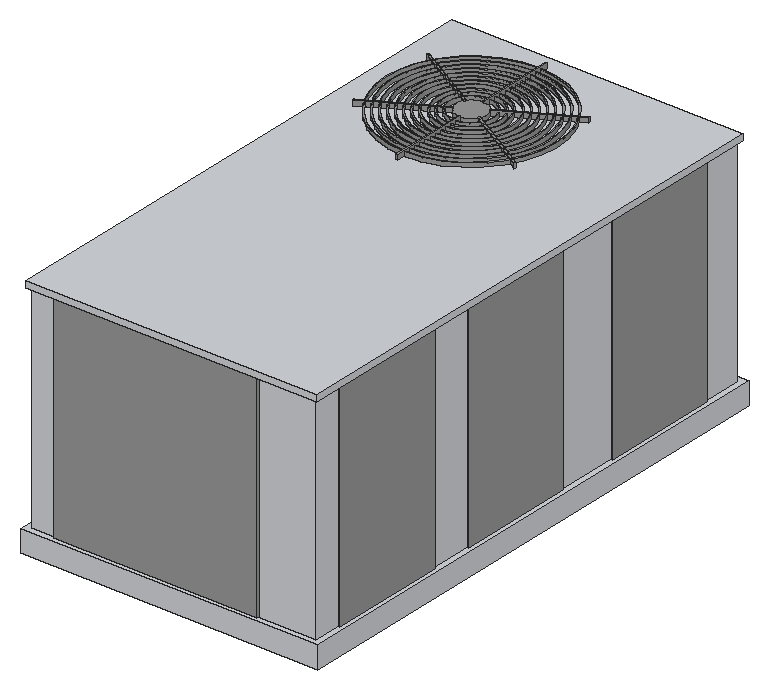
Revit family "RTU-2", category Mechanical Equipment, host Face, Revit 2025 (continued)
Definition of nested family "Family1"
  Automatic sketch dimensions
    Extrusion 19 sketch curve to Extrusion 19 sketch curve = 1.06726"
    Extrusion 19 sketch curve to Extrusion 19 sketch curve = 0"
    Extrusion 20 sketch curve to plane 45 = 0"
    Extrusion 20 sketch curve to plane 46 = 0"  (x2)
    Extrusion 20 sketch curve to plane 45 = 0.18274"
    Extrusion 20 sketch curve to Extrusion 20 sketch curve = 0.06651"  (x2)
    plane 46 to Extrusion 20 sketch curve = 0.45496"
    Extrusion 20 sketch curve to plane 46 = 0.38845"
    Extrusion 20 sketch curve to Extrusion 20 sketch curve = 1.06726"
    Extrusion 20 sketch curve to Extrusion 20 sketch curve = 0"
    Extrusion 21 sketch curve to plane 47 = 0"
    Extrusion 21 sketch curve to plane 48 = 0"  (x2)
    Extrusion 21 sketch curve to plane 47 = 0.18274"
    Extrusion 21 sketch curve to Extrusion 21 sketch curve = 0.06651"  (x2)
    plane 48 to Extrusion 21 sketch curve = 0.45496"
    Extrusion 21 sketch curve to plane 48 = 0.38845"
    Extrusion 21 sketch curve to Extrusion 21 sketch curve = 1.06726"
    Extrusion 21 sketch curve to Extrusion 21 sketch curve = 0"
    Extrusion 22 sketch curve to plane 49 = 0"
    Extrusion 22 sketch curve to plane 50 = 0"  (x2)
    Extrusion 22 sketch curve to plane 49 = 0.18274"
    Extrusion 22 sketch curve to Extrusion 22 sketch curve = 0.06651"  (x2)
    plane 50 to Extrusion 22 sketch curve = 0.45496"
    Extrusion 22 sketch curve to plane 50 = 0.38845"
    Extrusion 22 sketch curve to Extrusion 22 sketch curve = 1.06726"
    Extrusion 22 sketch curve to Extrusion 22 sketch curve = 0"
    Extrusion 23 sketch curve to plane 51 = 0"
    Extrusion 23 sketch curve to plane 52 = 0"  (x2)
    Extrusion 23 sketch curve to plane 51 = 0.18274"
    Extrusion 23 sketch curve to Extrusion 23 sketch curve = 0.06651"  (x2)
    plane 52 to Extrusion 23 sketch curve = 0.45496"
    Extrusion 23 sketch curve to plane 52 = 0.38845"
    Extrusion 23 sketch curve to Extrusion 23 sketch curve = 1.06726"
    Extrusion 23 sketch curve to Extrusion 23 sketch curve = 0"
    Extrusion 24 sketch curve to plane 53 = 0"
    Extrusion 24 sketch curve to plane 54 = 0"  (x2)
    Extrusion 24 sketch curve to plane 53 = 0.18274"
    Extrusion 24 sketch curve to Extrusion 24 sketch curve = 0.06651"  (x2)
    plane 54 to Extrusion 24 sketch curve = 0.45496"
    Extrusion 24 sketch curve to plane 54 = 0.38845"
    Extrusion 24 sketch curve to Extrusion 24 sketch curve = 1.06726"
    Extrusion 24 sketch curve to Extrusion 24 sketch curve = 0"
    Extrusion 25 sketch curve to plane 55 = 0"
    Extrusion 25 sketch curve to plane 56 = 0"  (x2)
    Extrusion 25 sketch curve to plane 55 = 0.18274"
    Extrusion 25 sketch curve to Extrusion 25 sketch curve = 0.06651"  (x2)
    plane 56 to Extrusion 25 sketch curve = 0.45496"
    Extrusion 25 sketch curve to plane 56 = 0.38845"
    Extrusion 25 sketch curve to Extrusion 25 sketch curve = 1.06726"
    Extrusion 25 sketch curve to Extrusion 25 sketch curve = 0"
    Extrusion 26 sketch curve to plane 57 = 0"
    Extrusion 26 sketch curve to plane 58 = 0"  (x2)
    Extrusion 26 sketch curve to plane 57 = 0.18274"
    Extrusion 26 sketch curve to Extrusion 26 sketch curve = 0.06651"  (x2)
    plane 58 to Extrusion 26 sketch curve = 0.45496"
    Extrusion 26 sketch curve to plane 58 = 0.38845"
    Extrusion 26 sketch curve to Extrusion 26 sketch curve = 1.06726"
    Extrusion 26 sketch curve to Extrusion 26 sketch curve = 0"
    Extrusion 27 sketch curve to plane 59 = 0"
    Extrusion 27 sketch curve to plane 60 = 0"  (x2)
    Extrusion 27 sketch curve to plane 59 = 0.18274"
    Extrusion 27 sketch curve to Extrusion 27 sketch curve = 0.06651"  (x2)
    plane 60 to Extrusion 27 sketch curve = 0.45496"
    Extrusion 27 sketch curve to plane 60 = 0.38845"
    Extrusion 27 sketch curve to Extrusion 27 sketch curve = 1.06726"
    Extrusion 27 sketch curve to Extrusion 27 sketch curve = 0"
    Extrusion 28 sketch curve to plane 61 = 0"
    Extrusion 28 sketch curve to plane 62 = 0"  (x2)
    Extrusion 28 sketch curve to plane 61 = 0.18274"
    Extrusion 28 sketch curve to Extrusion 28 sketch curve = 0.06651"  (x2)
    plane 62 to Extrusion 28 sketch curve = 0.45496"
    Extrusion 28 sketch curve to plane 62 = 0.38845"
    Extrusion 28 sketch curve to Extrusion 28 sketch curve = 1.06726"
    Extrusion 28 sketch curve to Extrusion 28 sketch curve = 0"
    Extrusion 29 sketch curve to plane 63 = 0"
    Extrusion 29 sketch curve to plane 64 = 0"  (x2)
    Extrusion 29 sketch curve to plane 63 = 0.18274"
    Extrusion 29 sketch curve to Extrusion 29 sketch curve = 0.06651"  (x2)
    plane 64 to Extrusion 29 sketch curve = 0.45496"
    Extrusion 29 sketch curve to plane 64 = 0.38845"
    Extrusion 29 sketch curve to Extrusion 29 sketch curve = 1.06726"
    Extrusion 29 sketch curve to Extrusion 29 sketch curve = 0"
    Extrusion 30 sketch curve to plane 65 = 0"
    Extrusion 30 sketch curve to plane 66 = 0"  (x2)
    Extrusion 30 sketch curve to plane 65 = 0.18274"
    Extrusion 30 sketch curve to Extrusion 30 sketch curve = 0.06651"  (x2)
    plane 66 to Extrusion 30 sketch curve = 0.45496"
    Extrusion 30 sketch curve to plane 66 = 0.38845"
    Extrusion 30 sketch curve to Extrusion 30 sketch curve = 1.06726"
    Extrusion 30 sketch curve to Extrusion 30 sketch curve = 0"
    Extrusion 31 sketch curve to plane 67 = 0"
    Extrusion 31 sketch curve to plane 68 = 0"  (x2)
    Extrusion 31 sketch curve to plane 67 = 0.18274"
    Extrusion 31 sketch curve to Extrusion 31 sketch curve = 0.06651"  (x2)
    plane 68 to Extrusion 31 sketch curve = 0.45496"
    Extrusion 31 sketch curve to plane 68 = 0.38845"
    Extrusion 31 sketch curve to Extrusion 31 sketch curve = 1.06726"
    Extrusion 31 sketch curve to Extrusion 31 sketch curve = 0"
    Extrusion 32 sketch curve to plane 69 = 0"
    Extrusion 32 sketch curve to plane 70 = 0"  (x2)
    Extrusion 32 sketch curve to plane 69 = 0.18274"
    Extrusion 32 sketch curve to Extrusion 32 sketch curve = 0.06651"  (x2)
    plane 70 to Extrusion 32 sketch curve = 0.45496"
    Extrusion 32 sketch curve to plane 70 = 0.38845"
    Extrusion 32 sketch curve to Extrusion 32 sketch curve = 1.06726"
    Extrusion 32 sketch curve to Extrusion 32 sketch curve = 0"
    Extrusion 33 sketch curve to plane 71 = 0"
    Extrusion 33 sketch curve to plane 72 = 0"  (x2)
    Extrusion 33 sketch curve to plane 71 = 0.18274"
    Extrusion 33 sketch curve to Extrusion 33 sketch curve = 0.06651"  (x2)
    plane 72 to Extrusion 33 sketch curve = 0.45496"
    Extrusion 33 sketch curve to plane 72 = 0.38845"
    Extrusion 33 sketch curve to Extrusion 33 sketch curve = 1.06726"
    Extrusion 33 sketch curve to Extrusion 33 sketch curve = 0"
    Extrusion 34 sketch curve to plane 73 = 0"
    Extrusion 34 sketch curve to plane 74 = 0"  (x2)
    Extrusion 34 sketch curve to plane 73 = 0.18274"
    Extrusion 34 sketch curve to Extrusion 34 sketch curve = 0.06651"  (x2)
    plane 74 to Extrusion 34 sketch curve = 0.45496"
    Extrusion 34 sketch curve to plane 74 = 0.38845"
    Extrusion 34 sketch curve to Extrusion 34 sketch curve = 1.06726"
    Extrusion 34 sketch curve to Extrusion 34 sketch curve = 0"
    Extrusion 35 sketch curve to plane 75 = 0"
    Extrusion 35 sketch curve to plane 76 = 0"  (x2)
    Extrusion 35 sketch curve to plane 75 = 0.18274"
    Extrusion 35 sketch curve to Extrusion 35 sketch curve = 0.06651"  (x2)
    plane 76 to Extrusion 35 sketch curve = 0.45496"
    Extrusion 35 sketch curve to plane 76 = 0.38845"
    Extrusion 35 sketch curve to Extrusion 35 sketch curve = 1.06726"
    Extrusion 35 sketch curve to Extrusion 35 sketch curve = 0"
    Extrusion 36 sketch curve to plane 77 = 0"
    Extrusion 36 sketch curve to plane 78 = 0"  (x2)
    Extrusion 36 sketch curve to plane 77 = 0.18274"
    Extrusion 36 sketch curve to Extrusion 36 sketch curve = 0.06651"  (x2)
    plane 78 to Extrusion 36 sketch curve = 0.45496"
    Extrusion 36 sketch curve to plane 78 = 0.38845"
    Extrusion 36 sketch curve to Extrusion 36 sketch curve = 1.06726"
    Extrusion 36 sketch curve to Extrusion 36 sketch curve = 0"
    Extrusion 37 sketch curve to plane 79 = 0"
    Extrusion 37 sketch curve to plane 80 = 0"  (x2)
    Extrusion 37 sketch curve to plane 79 = 0.18274"
    Extrusion 37 sketch curve to Extrusion 37 sketch curve = 0.06651"  (x2)
    plane 80 to Extrusion 37 sketch curve = 0.45496"
    Extrusion 37 sketch curve to plane 80 = 0.38845"
    Extrusion 37 sketch curve to Extrusion 37 sketch curve = 1.06726"
    Extrusion 37 sketch curve to Extrusion 37 sketch curve = 0"
    Extrusion 38 sketch curve to plane 81 = 0"
    Extrusion 38 sketch curve to plane 82 = 0"  (x2)
    Extrusion 38 sketch curve to plane 81 = 0.18274"
    Extrusion 38 sketch curve to Extrusion 38 sketch curve = 0.06651"  (x2)
    plane 82 to Extrusion 38 sketch curve = 0.45496"
    Extrusion 38 sketch curve to plane 82 = 0.38845"
    Extrusion 38 sketch curve to Extrusion 38 sketch curve = 1.06726"
    Extrusion 38 sketch curve to Extrusion 38 sketch curve = 0"
    Extrusion 39 sketch curve to plane 83 = 0"
    Extrusion 39 sketch curve to plane 84 = 0"  (x2)
    Extrusion 39 sketch curve to plane 83 = 0.18274"
    Extrusion 39 sketch curve to Extrusion 39 sketch curve = 0.06651"  (x2)
    plane 84 to Extrusion 39 sketch curve = 0.45496"
    Extrusion 39 sketch curve to plane 84 = 0.38845"
    Extrusion 39 sketch curve to Extrusion 39 sketch curve = 1.06726"
    Extrusion 39 sketch curve to Extrusion 39 sketch curve = 0"
    Extrusion 40 sketch curve to plane 85 = 0"
    Extrusion 40 sketch curve to plane 86 = 0"  (x2)
    Extrusion 40 sketch curve to plane 85 = 0.18274"
    Extrusion 40 sketch curve to Extrusion 40 sketch curve = 0.06651"  (x2)
    plane 86 to Extrusion 40 sketch curve = 0.45496"
    Extrusion 40 sketch curve to plane 86 = 0.38845"
    Extrusion 40 sketch curve to Extrusion 40 sketch curve = 1.06726"
    Extrusion 40 sketch curve to Extrusion 40 sketch curve = 0"
    Extrusion 41 sketch curve to plane 87 = 0"
    Extrusion 41 sketch curve to plane 88 = 0"  (x2)
    Extrusion 41 sketch curve to plane 87 = 0.18274"
    Extrusion 41 sketch curve to Extrusion 41 sketch curve = 0.06651"  (x2)
    plane 88 to Extrusion 41 sketch curve = 0.45496"
    Extrusion 41 sketch curve to plane 88 = 0.38845"
    Extrusion 41 sketch curve to Extrusion 41 sketch curve = 1.06726"
    Extrusion 41 sketch curve to Extrusion 41 sketch curve = 0"
    Extrusion 42 sketch curve to plane 89 = 0"
    Extrusion 42 sketch curve to plane 90 = 0"  (x2)
    Extrusion 42 sketch curve to plane 89 = 0.18274"
    Extrusion 42 sketch curve to Extrusion 42 sketch curve = 0.06651"  (x2)
    plane 90 to Extrusion 42 sketch curve = 0.45496"
    Extrusion 42 sketch curve to plane 90 = 0.38845"
    Extrusion 42 sketch curve to Extrusion 42 sketch curve = 1.06726"
    Extrusion 42 sketch curve to Extrusion 42 sketch curve = 0"
    Extrusion 43 sketch curve to plane 91 = 0"
    Extrusion 43 sketch curve to plane 92 = 0"  (x2)
    Extrusion 43 sketch curve to plane 91 = 0.18274"
    Extrusion 43 sketch curve to Extrusion 43 sketch curve = 0.06651"  (x2)
    plane 92 to Extrusion 43 sketch curve = 0.45496"
    Extrusion 43 sketch curve to plane 92 = 0.38845"
    Extrusion 43 sketch curve to Extrusion 43 sketch curve = 1.06726"
    Extrusion 43 sketch curve to Extrusion 43 sketch curve = 0"
    Extrusion 44 sketch curve to plane 93 = 0"
    Extrusion 44 sketch curve to plane 94 = 0"  (x2)
    Extrusion 44 sketch curve to plane 93 = 0.18274"
    Extrusion 44 sketch curve to Extrusion 44 sketch curve = 0.06651"  (x2)
    plane 94 to Extrusion 44 sketch curve = 0.45496"
    Extrusion 44 sketch curve to plane 94 = 0.38845"
    Extrusion 44 sketch curve to Extrusion 44 sketch curve = 1.06726"
    Extrusion 44 sketch curve to Extrusion 44 sketch curve = 0"
    Extrusion 45 sketch curve to plane 95 = 0"
    Extrusion 45 sketch curve to plane 96 = 0"  (x2)
    Extrusion 45 sketch curve to plane 95 = 0.18274"
    Extrusion 45 sketch curve to Extrusion 45 sketch curve = 0.06651"  (x2)
    plane 96 to Extrusion 45 sketch curve = 0.45496"
    Extrusion 45 sketch curve to plane 96 = 0.38845"
    Extrusion 45 sketch curve to Extrusion 45 sketch curve = 1.06726"
    Extrusion 45 sketch curve to Extrusion 45 sketch curve = 0"
    Extrusion 46 sketch curve to plane 97 = 0"
    Extrusion 46 sketch curve to plane 98 = 0"  (x2)
    Extrusion 46 sketch curve to plane 97 = 0.18274"
    Extrusion 46 sketch curve to Extrusion 46 sketch curve = 0.06651"  (x2)
    plane 98 to Extrusion 46 sketch curve = 0.45496"
    Extrusion 46 sketch curve to plane 98 = 0.38845"
    Extrusion 46 sketch curve to Extrusion 46 sketch curve = 1.06726"
    Extrusion 46 sketch curve to Extrusion 46 sketch curve = 0"
    Extrusion 47 sketch curve to plane 99 = 0"
    Extrusion 47 sketch curve to plane 100 = 0"  (x2)
    Extrusion 47 sketch curve to plane 99 = 0.18274"
    Extrusion 47 sketch curve to Extrusion 47 sketch curve = 0.06651"  (x2)
    plane 100 to Extrusion 47 sketch curve = 0.45496"
    Extrusion 47 sketch curve to plane 100 = 0.38845"
    Extrusion 47 sketch curve to Extrusion 47 sketch curve = 1.06726"
    Extrusion 47 sketch curve to Extrusion 47 sketch curve = 0"
    Extrusion 48 sketch curve to plane 101 = 0"
    Extrusion 48 sketch curve to plane 102 = 0"  (x2)
    Extrusion 48 sketch curve to plane 101 = 0.18274"
    Extrusion 48 sketch curve to Extrusion 48 sketch curve = 0.06651"  (x2)
    plane 102 to Extrusion 48 sketch curve = 0.45496"
    Extrusion 48 sketch curve to plane 102 = 0.38845"
    Extrusion 48 sketch curve to Extrusion 48 sketch curve = 1.06726"
    Extrusion 48 sketch curve to Extrusion 48 sketch curve = 0"
    Extrusion 49 sketch curve to plane 103 = 0"
    Extrusion 49 sketch curve to plane 104 = 0"  (x2)
    Extrusion 49 sketch curve to plane 103 = 0.18274"
    Extrusion 49 sketch curve to Extrusion 49 sketch curve = 0.06651"  (x2)
    plane 104 to Extrusion 49 sketch curve = 0.45496"
    Extrusion 49 sketch curve to plane 104 = 0.38845"
    Extrusion 49 sketch curve to Extrusion 49 sketch curve = 1.06726"
    Extrusion 49 sketch curve to Extrusion 49 sketch curve = 0"
    Extrusion 50 sketch curve to plane 105 = 0"
    Extrusion 50 sketch curve to plane 106 = 0"  (x2)
    Extrusion 50 sketch curve to plane 105 = 0.18274"
    Extrusion 50 sketch curve to Extrusion 50 sketch curve = 0.06651"  (x2)
    plane 106 to Extrusion 50 sketch curve = 0.45496"
    Extrusion 50 sketch curve to plane 106 = 0.38845"
    Extrusion 50 sketch curve to Extrusion 50 sketch curve = 1.06726"
    Extrusion 50 sketch curve to Extrusion 50 sketch curve = 0"
    Extrusion 51 sketch curve to plane 107 = 0"
    Extrusion 51 sketch curve to plane 108 = 0"  (x2)
    Extrusion 51 sketch curve to plane 107 = 0.18274"
    Extrusion 51 sketch curve to Extrusion 51 sketch curve = 0.06651"  (x2)
    plane 108 to Extrusion 51 sketch curve = 0.45496"
    Extrusion 51 sketch curve to plane 108 = 0.38845"
    Extrusion 51 sketch curve to Extrusion 51 sketch curve = 1.06726"
    Extrusion 51 sketch curve to Extrusion 51 sketch curve = 0"
    Extrusion 52 sketch curve to plane 109 = 0"
    Extrusion 52 sketch curve to plane 110 = 0"  (x2)
    Extrusion 52 sketch curve to plane 109 = 0.18274"
    Extrusion 52 sketch curve to Extrusion 52 sketch curve = 0.06651"  (x2)
    plane 110 to Extrusion 52 sketch curve = 0.45496"
    Extrusion 52 sketch curve to plane 110 = 0.38845"
    Extrusion 52 sketch curve to Extrusion 52 sketch curve = 1.06726"
    Extrusion 52 sketch curve to Extrusion 52 sketch curve = 0"
    Extrusion 53 sketch curve to plane 111 = 0"
    Extrusion 53 sketch curve to plane 112 = 0"  (x2)
    Extrusion 53 sketch curve to plane 111 = 0.18274"
    Extrusion 53 sketch curve to Extrusion 53 sketch curve = 0.06651"  (x2)
    plane 112 to Extrusion 53 sketch curve = 0.45496"
    Extrusion 53 sketch curve to plane 112 = 0.38845"
    Extrusion 53 sketch curve to Extrusion 53 sketch curve = 1.06726"
    Extrusion 53 sketch curve to Extrusion 53 sketch curve = 0"
    Extrusion 54 sketch curve to plane 113 = 0"
    Extrusion 54 sketch curve to plane 114 = 0"  (x2)
    Extrusion 54 sketch curve to plane 113 = 0.18274"
    Extrusion 54 sketch curve to Extrusion 54 sketch curve = 0.06651"  (x2)
    plane 114 to Extrusion 54 sketch curve = 0.45496"
    Extrusion 54 sketch curve to plane 114 = 0.38845"
    Extrusion 54 sketch curve to Extrusion 54 sketch curve = 1.06726"
    Extrusion 54 sketch curve to Extrusion 54 sketch curve = 0"
    Extrusion 55 sketch curve to plane 115 = 0"
    Extrusion 55 sketch curve to plane 116 = 0"  (x2)
    Extrusion 55 sketch curve to plane 115 = 0.18274"
    Extrusion 55 sketch curve to Extrusion 55 sketch curve = 0.06651"  (x2)
    plane 116 to Extrusion 55 sketch curve = 0.45496"
    Extrusion 55 sketch curve to plane 116 = 0.38845"
    Extrusion 55 sketch curve to Extrusion 55 sketch curve = 1.06726"
    Extrusion 55 sketch curve to Extrusion 55 sketch curve = 0"
    Extrusion 56 sketch curve to plane 117 = 0"
    Extrusion 56 sketch curve to plane 118 = 0"  (x2)
    Extrusion 56 sketch curve to plane 117 = 0.18274"
    Extrusion 56 sketch curve to Extrusion 56 sketch curve = 0.06651"  (x2)
    plane 118 to Extrusion 56 sketch curve = 0.45496"
    Extrusion 56 sketch curve to plane 118 = 0.38845"
    Extrusion 56 sketch curve to Extrusion 56 sketch curve = 1.06726"
    Extrusion 56 sketch curve to Extrusion 56 sketch curve = 0"
